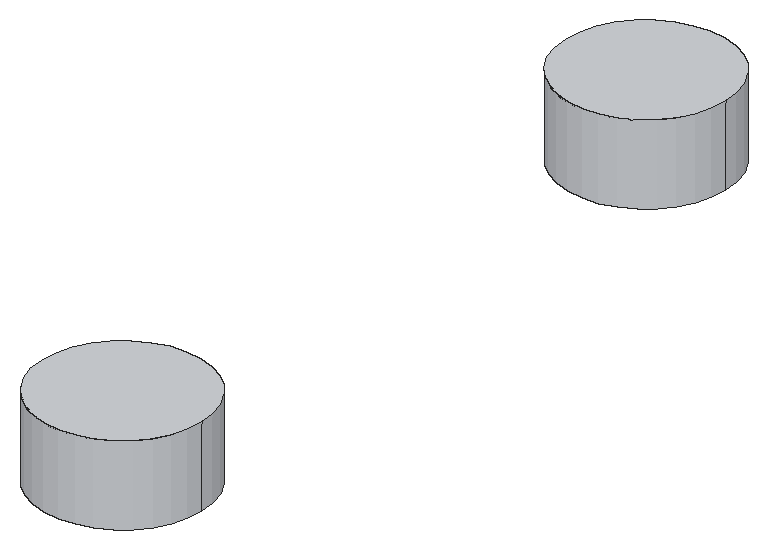
Revit family "E511.01_S6", category Plumbing Fixtures, Revit 2023
Family settings
  Round Connector Dimension = Use Diameter
  Part Type = Normal
  OmniClass Number = 23.45.55.17
  OmniClass Title = Mixing Faucets
  Work Plane-Based = No
  Enable Cutting in Views = Yes
  Always vertical = Yes
  Cut with Voids When Loaded = No
  Maintain Annotation Orientation = No
  Shared = No
  Room Calculation Point = No
Parameters (values of type "Standard")
  Waste Connection = no
  Vent Connection = no
  URL = "www.fvandina.com"
  Title = "Juego Monocomando para Cocina SAUCO"
  Teléfono de contacto = "FV Responde 1800 38 38 38"
  Presión = "60 PSI"
  Part Number = "E511.01/S6"
  Model = "E511.01/S6"
  Material = "Latón"
  Manufacturer = "FV – ÁREA ANDINA S.A."
  Instalación = "https://fvandina.com/producto/1924-juego-monocomando-para-cocina-sauco/"
  HW Connection = yes
  Garantía = "GARANTÍA TOTAL FV - DETALLES EN PÁGINA WEB"
  Dirección fabricante = "KM 25, VÍA SANGOLQUÍ AMAGUAÑA - PICHINCHA - ECUADOR"
  Description = "Juego Monocomando para Cocina SAUCO"
  Default Elevation = 0' - 0"
  Cota largo = "235 mm"
  Cota ancho = "93 mm"
  Cota alto = "343 mm"
  Consumo agua grifería = "8.3 l/min"
  Connector_2_Diameter = 0' - 0.3937"
  Connector_1_Diameter = 0' - 0.3937"
  Conexión hidráulica = "W9/16\" x 19"
  Company = "FV - GRIFERÍA, SANITARIOS, COMPLEMENTOS"
  Certificación = "INEN"
  Catalog web link = "https://fvandina.com/producto/1924-juego-monocomando-para-cocina-sauco/"
  CW Connection = yes
  Acabado = "Cromo"
Reference planes (in)
  plane 1 "Center (Front/Back)": y = 0
  plane 2: z = 0
  plane 3 "Center (Left/Right)": x = 0
Forms (in)
  Extrusion 1, solid
    sketch origin (0, -0.49213, 0) x (1, 0, 0) y (0, 1, 0)
      loop
        circle (0, 0) r 0.12
    from 0 to -0.12
  Extrusion 2, solid
    sketch origin (0, 0.49213, 0) x (1, 0, 0) y (0, 1, 0)
      loop
        circle (0, 0) r 0.12
    from 0 to -0.12
Dimensions and locks (in)
  aligned and locked: plane 2 to level
Connectors (in)
  piping at (0, -0.49213, 0), diameter 0.3937, driven by "Connector_1_Diameter"
    settings: on Extrusion 1, index 1, connector inside diameter 24", connector length 0' - 0", flow factor 0, pipe flow 0 GPM, pressure drop 0.00 psi, fitting loss kfactor 0, connector angle 0.00°, fixture units 0, engagement length 0' - 0", angle of deflection 0.00°, flow configuration 1, flow direction 1, fitting loss method 0, system type 20, joint type 0, gender type 0, connector reference index -1, connector utility 0, adjustable connector no, is connector primary yes, connector description ""
  piping at (0, 0.49213, 0), diameter 0.3937, driven by "Connector_2_Diameter"
    settings: on Extrusion 2, index 2, connector inside diameter 24", connector length 0' - 0", flow factor 0, pipe flow 0 GPM, pressure drop 0.00 psi, fitting loss kfactor 0, connector angle 0.00°, fixture units 0, engagement length 0' - 0", angle of deflection 0.00°, flow configuration 1, flow direction 1, fitting loss method 0, system type 19, joint type 0, gender type 0, connector reference index -1, connector utility 0, adjustable connector no, is connector primary no, connector description ""
